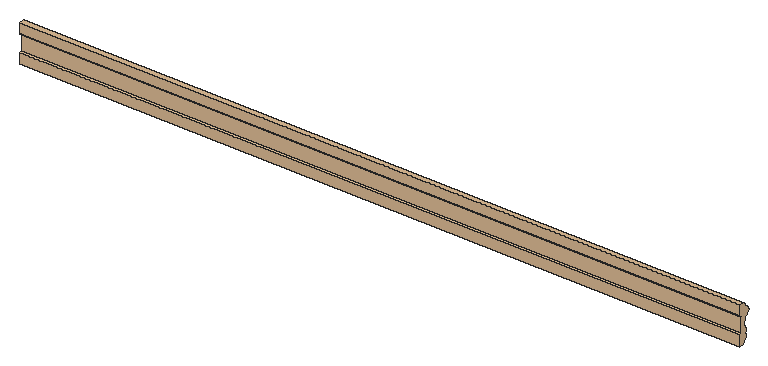
Revit family "Trim_Chair_Rail", category Generic Models, Revit 2026
Family settings
  Can host rebar = No
  Round Connector Dimension = Use Diameter
  Part Type = Normal
  Classification Number = 23.35.10.34.17
  Cut with Voids When Loaded = No
  Maintain Annotation Orientation = No
  Shared = No
  Room Calculation Point = No
Parameters (values of type "ByProfile")
  Warranty Duration (Years) = 1
  Trim Material = ARCAT - Wood - Pine_FJ-Natural
  Test Data = ""
  Specification = "http://www.arcat.com/divs/sec/sec06450.shtml"
  Sales Information = ""
  Product Properties = "http://www.arcat.com/bim/bim_info.pl?fn=Trim_Chair-Rail"
  Product Data = "http://www.arcat.com/divs/sec/sec06450.shtml"
  Model = "Generic"  # constant formula
  Manufacturer Website = "http://www.arcat.com/"
  Manufacturer Phone - Toll Free = ""
  Manufacturer Phone = "(203) 929-9444"  # constant formula
  Manufacturer Fax = "(203) 929-2444"  # constant formula
  Manufacturer Email = "bim@arcat.com"  # constant formula
  Manufacturer Address = "1077 Bridgeport Ave, Shelton, CT 06484"  # constant formula
  Manufacturer = "Generic"  # constant formula
  Maintenance Schedule (Months) = 12
  built-in parameter 1001306 [instance] = 4' - 0"
  Keynote = "06450"
  Installation-Fabrication = ""
  Installation Phase = ""
  Green Building-LEED = "http://www.arcat.com/green/green_building.shtml"
  Expected Lifespan (Years) = 30
  Drawn By = "Robert S. Weygant, CSI, CDT, SCIP"  # constant formula
  Description = "Chair Rail"
  Default Elevation = 0' - 0"
  Copyright = "2008, ARCAT, Inc."  # constant formula
  Construction Details = "http://www.arcat.com/divs/sec/sec06450.shtml"
  Building Codes = ""
  Assembly Code = "C3010130"
Reference planes (in)
  plane 1 "Center (Front/Back)": y = 0
  plane 2: z = 0
  plane 3 "Left": x = 0
  plane 4 "Right": x = 48
Forms (in)
  Sweep 1, solid, material "ARCAT - Wood - Pine_FJ-Natural" <- "Trim Material"
    path in 3D
      loop
        line (0, 0, 0) -> (48, 0, 0)
    profile "Chair-Rail_2-5 : Chair-Rail_2-5" origin (24, 0, 0) x (0, 1, 0) y (0, 0, 1)
      loop
        arc (0.1875, 0) -> (0.21954, 0.07734) -> (0.29688, 0.10938) r 0.10937
        line (0.29688, 0.10938) -> (0.29688, 0.23438)
        arc (0.29688, 0.23438) -> (0.48432, 0.42653) -> (0.28757, 0.60914) r 0.1875
        arc (0.28757, 0.60914) -> (0.46612, 0.72069) -> (0.46503, 0.93121) r 0.2161
        line (0.46503, 0.93121) -> (0.34758, 1.13925)
        arc (0.34758, 1.13925) -> (0.32093, 1.31947) -> (0.42188, 1.47112) r 0.2538
        line (0.42188, 1.47112) -> (0.42188, 1.59612)
        arc (0.42188, 1.59612) -> (0.6875, 1.93087) -> (0.42188, 2.26563) r 0.34375
        line (0.42188, 2.26563) -> (0.42188, 2.39063)
        arc (0.42188, 2.39063) -> (0.34454, 2.42266) -> (0.3125, 2.5) r 0.10937
        line (0.3125, 2.5) -> (0, 2.5) -> (0, 1.8125) -> (0.09375, 1.71875) -> (0.09375, 0.78125) -> (0, 0.6875) -> (0, 0) -> (0.1875, 0)
Lines and regions (in)
  reference lines
    curve 1: line (0, 0, 0) -> (48, 0, 0)
  sketch lines
    curve 2: line (0, 0, 0) -> (48, 0, 0)
Dimensions and locks (in)
  "built-in parameter 1001306": plane 3 "Left" to plane 4 "Right"
  aligned and locked: plane 4 "Right" to curve 1
  aligned and locked: plane 1 "Center (Front/Back)" to curve 1
  aligned and locked: plane 3 "Left" to curve 1
  aligned and locked: plane 3 "Left" to Sweep 1
  aligned and locked: plane 4 "Right" to Sweep 1
